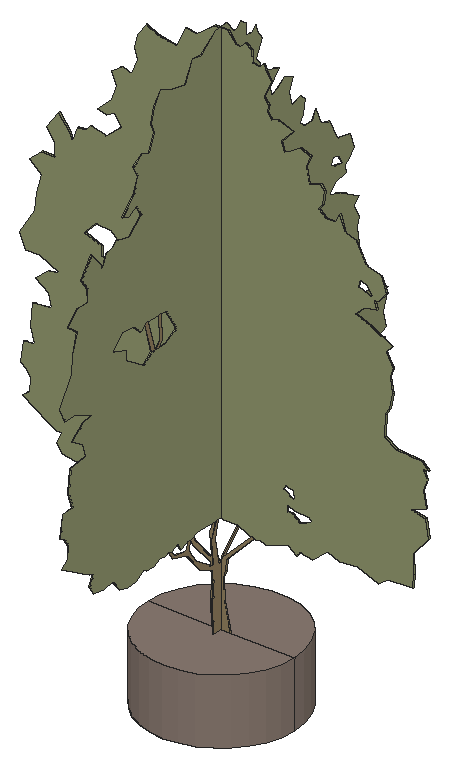
Revit family "L-PL낙엽교목_떡갈나무", category 수목, Revit 2019
Family settings
  OmniClass 번호 = 23.40.05.00
  OmniClass 제목 = Plants and Planting Products
  작업 기준면 기반 = 아니오
  항상 수직 = 예
  로드될 때 보이드를 사용하여 절단 = 아니오
  렌더 모양 소스 = 패밀리 형상
  공유 = 아니오
Parameters (values of type "떡갈나무")
  한국산업규격KS = ""
  콘 높이 = 뿌리분 직경 / 4  # 272.5 mm
  조달청표준공사코드-세부공종 = "10161599202809"
  뿌리분 직경 = (24 mm + ((R / 10) - 3 mm) * 5) * 10  # 1090 mm
  뿌리분 높이 = 뿌리분 직경 / 2  # 545 mm
  높이 = 5000 mm
  건설정보분류체계-부위분류 = "E985"
  R = 200 mm
  LIM_INFO_주의사항 = "재배포, 재가공, 판매 금지"
  LIM_INFO_제작일 = "20211210"
  LIM_INFO_버전 = "2022_V01"
  LIM_INFO_PL_학명 = "Quercus myrsinaefolia Bl."
  LIM_INFO_PL_품명 = "가시나무"
  LIM_INFO_PL_주당인정수량 = 0
  LIM_INFO_PL_수목단위 = "주"
  LIM_INFO_PL_규격 = "5.0H X 18R"
  LIM_INFO_PL_구분 = "상록교목"
  LIM_INFO_PL_가격 = 0
  LIM_INFO_PL_Qty [instance] = 0
  LIM_INFO_PL_M2당수량 = 0
  KBIMS_식별-버전 = ""
  KBIMS_식별-bSK등록번호 = ""
  KBIMS_보급정보-저작자 = "림인포테크_MMJ"
  KBIMS_보급정보-보급코드 = ""
  H = 높이  # 5000 mm
Reference planes
  plane 1 "중심(앞/뒤)": y = 0
  plane 2: z = 0
  plane 3 "중심(왼쪽/오른쪽)": x = 0
  plane 4: x = 482.5
  plane 5: x = -607.5
  plane 6: z = -545
  plane 7: z = -817.5
  plane 8: z = 5000
  plane 9: x = -100
  plane 10: x = 100
Forms (mm)
  Revolve 1, solid, material "흙"
    sketch origin (0, 0, 0) x (1, 0, 0) y (0, 0, 1)
      loop
        line (0, 0) -> (-607.5, 0) -> (-607.5, -545) -> (0, -545) -> (0, 0)
      axis (0, 0) -> (0, -545)
    angle from 0 to 360
  Revolve 2, solid, material "흙"
    sketch origin (0, 0, 0) x (1, 0, 0) y (0, 0, 1)
      loop
        line (0, -545) -> (-607.5, -545) -> (0, -817.5) -> (0, -545)
      axis (0, -545) -> (0, -817.5)
    angle from 0 to 360
Dimensions and locks
  "뿌리분 직경": plane 4 to plane 5
  "뿌리분 높이": plane 6 to level
  "콘 높이": plane 7 to plane 6
  "H": level to plane 8
  "R": plane 9 to plane 10
  aligned and locked: level to plane 2
Automatic sketch dimensions
  Revolve 1 sketch curve to level = 0 mm  (x2)
  Revolve 1 sketch curve to plane 5 = 0 mm
  Revolve 1 sketch curve to plane 3 "중심(왼쪽/오른쪽)" = 0 mm  (x2)
  Revolve 1 sketch curve to plane 6 = 0 mm  (x2)
  Revolve 2 sketch curve to plane 5 = 0 mm
  Revolve 2 sketch curve to plane 3 "중심(왼쪽/오른쪽)" = 0 mm  (x2)
  Revolve 2 sketch curve to plane 7 = 0 mm  (x2)
  Revolve 2 sketch curve to plane 6 = 0 mm  (x2)
Nested families
  nested 1: "떡갈나무_base" at (0, 0, 0), type "떡갈나무_base"
Definition of nested family "떡갈나무_base"
  Parameters (values of type "떡갈나무_base")
    Height = 6000 mm
  Reference planes
    plane 1 "중심(앞/뒤)": y = 0
    plane 2: z = 0
    plane 3 "중심(왼쪽/오른쪽)": x = 0
  Forms (mm)
    Revolve 1, solid, detail levels coarse
      sketch origin (0, 0, 0) x (1, 0, 0) y (0, 0, 1)
        loop
          line (-1068.485, 3509.365) -> (-1675.853, 878.566) -> (-75, 878.566) -> (-75, 0) -> (0, 0) -> (0, 4500) -> (-1068.485, 3509.365)
        axis (0, 4500) -> (0, 0)
      angle from 0 to 360
    Extrusion 2, solid, detail levels fine
      sketch origin (0, 0, 0) x (1, 0, 0) y (0, 0, 1)
        loop
          line (-365.437, 4215.162) -> (-525.538, 4247.171) -> (-619.913, 4287.603) -> (-687.324, 4189.892) -> (-717.659, 4082.074) -> (-687.324, 4002.895) -> (-741.253, 3874.86) -> (-816.468, 3902.182) -> (-909.037, 3839.93) -> (-861.911, 3749.077) -> (-910.72, 3624.575) -> (-1021.803, 3516.897) -> (-952.797, 3495.025) -> (-882.108, 3538.769) -> (-826.566, 3447.916) -> (-949.431, 3341.92) -> (-1085.76, 3370.522) -> (-1119.126, 3331.069) -> (-1188.844, 3320.347) -> (-1234.429, 3205.086) -> (-1253.2, 3264.057) -> (-1347.052, 3376.638) -> (-1448.948, 3234.571) -> (-1384.592, 3143.434) -> (-1379.229, 3038.894) -> (-1486.489, 3038.894) -> (-1585.704, 2945.076) -> (-1486.489, 2864.661) -> (-1534.755, 2714.553) -> (-1545.481, 2575.166) -> (-1671.511, 2371.448) -> (-1619.856, 2261.109) -> (-1504.177, 2262.785) -> (-1336.527, 2185.693) -> (-1428.734, 2168.934) -> (-1541.06, 2076.76) -> (-1432.087, 2006.373) -> (-1401.91, 1904.143) -> (-1564.531, 1882.357) -> (-1583.791, 1706.024) -> (-1543.66, 1582.331) -> (-1640.644, 1572.302) -> (-1667.398, 1408.492) -> (-1623.922, 1381.748) -> (-1582.119, 1318.23) -> (-1588.807, 1214.595) -> (-1649.004, 1167.793) -> (-1440.009, 1044.773) -> (-1365.879, 1004.068) -> (-1322.028, 997.806) -> (-1365.879, 913.267) -> (-1316.807, 847.513) -> (-1215.532, 831.858) -> (-1126.785, 849.601) -> (-1054.743, 761.93) -> (-963.584, 733.251) -> (-886.557, 744.997) -> (-801.696, 795.894) -> (-769.058, 776.971) -> (-699.211, 776.318) -> (-631.975, 808.293) -> (-582.364, 797.2) -> (-543.85, 816.776) -> (-506.642, 800.462) -> (-447.598, 834.8) -> (-419.193, 780.704) -> (-364.393, 796.737) -> (-342.34, 805.422) -> (-313.603, 806.758) -> (-240.092, 836.82) -> (-69.011, 830.807) -> (-26.24, 836.152) -> (25.886, 830.139) -> (138.826, 829.471) -> (229.045, 784.044) -> (293.2, 773.356) -> (323.174, 781.388) -> (374.414, 760.046) -> (559.753, 820.121) -> (633.076, 768.984) -> (662.064, 806.484) -> (764.375, 789.439) -> (888.853, 890.008) -> (991.164, 850.803) -> (1139.515, 869.553) -> (1311.738, 801.371) -> (1390.177, 859.326) -> (1594.798, 869.553) -> (1606.735, 975.236) -> (1601.619, 1125.237) -> (1731.213, 1280.352) -> (1706.246, 1427.53) -> (1583.644, 1450.976) -> (1709.445, 1502.131) -> (1683.858, 1624.688) -> (1715.841, 1717.406) -> (1688.123, 1780.283) -> (1728.635, 1789.874) -> (1675.329, 1841.029) -> (1463.871, 1854.4) -> (1363.222, 1917.699) -> (1371.199, 2085.175) -> (1406.526, 2137.813) -> (1429.855, 2255.082) -> (1411.192, 2377.681) -> (1434.356, 2447.098) -> (1377.161, 2550.859) -> (1426.942, 2604.857) -> (1249.001, 2700.148) -> (1120.841, 2742.499) -> (1192.865, 2811.321) -> (1298.782, 2834.614) -> (1281.786, 2898.815) -> (1318.207, 2908.083) -> (1382.442, 2984.209) -> (1334.1, 3104.026) -> (1208.28, 3133.152) -> (1129.03, 3287.758) -> (1033.953, 3317.327) -> (989.583, 3437.714) -> (954.722, 3370.128) -> (875.491, 3369.072) -> (814.219, 3418.705) -> (848.024, 3460.947) -> (867.039, 3572.886) -> (832.178, 3605.622) -> (735.988, 3574.304) -> (709.578, 3691.523) -> (750.778, 3786.565) -> (666.265, 3821.414) -> (589.147, 3768.613) -> (529.988, 3742.212) -> (504.634, 3811.91) -> (604.993, 3916.457) -> (474.9, 3960.102) -> (425.248, 3943.206) -> (388.274, 3992.839) -> (398.838, 4043.529) -> (363.976, 4093.162) -> (422.079, 4224.11) -> (373.484, 4298.032) -> (363.976, 4339.217) -> (321.72, 4301.2) -> (260.448, 4314.928) -> (258.335, 4406.802) -> (209.74, 4442.707) -> (167.484, 4397.298) -> (128.349, 4398.791) -> (60.938, 4488.078) -> (-50.29, 4481.339) -> (-200.28, 4363.413) -> (-291.284, 4375.205) -> (-365.437, 4215.162)
        loop
          line (-805.814, 2318.406) -> (-723.625, 2380.895) -> (-568.038, 2380.895) -> (-463.358, 2446.21) -> (-577.51, 2629.161) -> (-783.402, 2629.161) -> (-828.645, 2578.578) -> (-915.4, 2656.173) -> (-1034.118, 2660.738) -> (-1130.006, 2560.32) -> (-988.458, 2510.112) -> (-988.458, 2432.517) -> (-805.814, 2318.406)
        loop
          line (1223.198, 2990.863) -> (1160.311, 3009.566) -> (1143.374, 2952.619) -> (1268.596, 2909.799) -> (1223.198, 2990.863)
        loop
          line (761.421, 1063.997) -> (733.202, 1097.741) -> (611.644, 1097.741) -> (553.507, 1120.635) -> (553.507, 1073.086) -> (595.788, 1073.086) -> (660.114, 1021.8) -> (761.421, 1063.997)
        loop
          line (610.574, 1173.335) -> (607.248, 1252.046) -> (562.515, 1252.046) -> (543.674, 1264.053) -> (521.881, 1229.856) -> (610.574, 1173.335)
      from 0 to 5
    Extrusion 3, solid, detail levels fine
      sketch origin (0, 0, 0) x (1, 0, 0) y (0, 0, 1)
        loop
          line (-691.102, 2383.015) -> (-765.306, 2625.463) -> (-782.239, 2625.234) -> (-789.593, 2618.316) -> (-718.659, 2382.326) -> (-691.102, 2383.015)
        loop
          line (-615.571, 2429.664) -> (-629.679, 2628.538) -> (-643.237, 2628.538) -> (-633.515, 2431.462) -> (-671.829, 2383.061) -> (-644.993, 2383.061) -> (-615.571, 2429.664)
        loop
          line (25.8, 548.797) -> (-9.376, 488.812) -> (-28.554, 518.715) -> (-47.934, 605.247) -> (-62.146, 698.237) -> (-29.2, 829.972) -> (-46.642, 827.389) -> (-91.861, 698.883) -> (-73.774, 520.007) -> (-82.171, 509.674) -> (-201.681, 583.937) -> (-259.82, 629.14) -> (-324.529, 714.466) -> (-329.697, 737.714) -> (-320.007, 802.935) -> (-340.033, 800.998) -> (-352.306, 745.463) -> (-375.562, 740.942) -> (-482.798, 763.544) -> (-511.222, 798.415) -> (-540.937, 812.622) -> (-496.575, 747.253) -> (-356.469, 704.412) -> (-223.677, 547.002) -> (-85.149, 474.865) -> (-76.764, 334.789) -> (-85.141, 202.753) -> (-75, 0) -> (75, 0) -> (63.055, 78.927) -> (27.879, 224.751) -> (21.662, 392.631) -> (41.319, 453.649) -> (51.665, 540.523) -> (278.239, 773.22) -> (253.409, 776.323) -> (25.8, 548.797)
      from 0 to 5
    Extrusion 4, solid, detail levels fine
      sketch origin (-5, -5, 0) x (0, 1, 0) y (0, 0, 1)
        loop
          line (-365.437, 4215.162) -> (-525.538, 4247.171) -> (-619.913, 4287.603) -> (-687.324, 4189.892) -> (-717.659, 4082.074) -> (-687.324, 4002.895) -> (-741.253, 3874.86) -> (-816.468, 3902.182) -> (-909.037, 3839.93) -> (-861.911, 3749.077) -> (-910.72, 3624.575) -> (-1021.803, 3516.897) -> (-952.797, 3495.025) -> (-882.108, 3538.769) -> (-826.566, 3447.916) -> (-949.431, 3341.92) -> (-1085.76, 3370.522) -> (-1119.126, 3331.069) -> (-1188.844, 3320.347) -> (-1234.429, 3205.086) -> (-1253.2, 3264.057) -> (-1347.052, 3376.638) -> (-1448.948, 3234.571) -> (-1384.592, 3143.434) -> (-1379.229, 3038.894) -> (-1486.489, 3038.894) -> (-1585.704, 2945.076) -> (-1486.489, 2864.661) -> (-1534.755, 2714.553) -> (-1545.481, 2575.166) -> (-1671.511, 2371.448) -> (-1619.856, 2261.109) -> (-1504.177, 2262.785) -> (-1336.527, 2185.693) -> (-1428.734, 2168.934) -> (-1541.06, 2076.76) -> (-1432.087, 2006.373) -> (-1401.91, 1904.143) -> (-1564.531, 1882.357) -> (-1583.791, 1706.024) -> (-1543.66, 1582.331) -> (-1640.644, 1572.302) -> (-1667.398, 1408.492) -> (-1623.922, 1381.748) -> (-1582.119, 1318.23) -> (-1588.807, 1214.595) -> (-1649.004, 1167.793) -> (-1440.009, 1044.773) -> (-1365.879, 1004.068) -> (-1322.028, 997.806) -> (-1365.879, 913.267) -> (-1316.807, 847.513) -> (-1215.532, 831.858) -> (-1126.785, 849.601) -> (-1054.743, 761.93) -> (-963.584, 733.251) -> (-886.557, 744.997) -> (-801.696, 795.894) -> (-769.058, 776.971) -> (-699.211, 776.318) -> (-631.975, 808.293) -> (-582.364, 797.2) -> (-543.85, 816.776) -> (-506.642, 800.462) -> (-447.598, 834.8) -> (-419.193, 780.704) -> (-364.393, 796.737) -> (-342.34, 805.422) -> (-313.603, 806.758) -> (-240.092, 836.82) -> (-69.011, 830.807) -> (-26.24, 836.152) -> (25.886, 830.139) -> (138.826, 829.471) -> (229.045, 784.044) -> (293.2, 773.356) -> (323.174, 781.388) -> (374.414, 760.046) -> (559.753, 820.121) -> (633.076, 768.984) -> (662.064, 806.484) -> (764.375, 789.439) -> (888.853, 890.008) -> (991.164, 850.803) -> (1139.515, 869.553) -> (1311.738, 801.371) -> (1390.177, 859.326) -> (1594.798, 869.553) -> (1606.735, 975.236) -> (1601.619, 1125.237) -> (1731.213, 1280.352) -> (1706.246, 1427.53) -> (1583.644, 1450.976) -> (1709.445, 1502.131) -> (1683.858, 1624.688) -> (1715.841, 1717.406) -> (1688.123, 1780.283) -> (1728.635, 1789.874) -> (1675.329, 1841.029) -> (1463.871, 1854.4) -> (1363.222, 1917.699) -> (1371.199, 2085.175) -> (1406.526, 2137.813) -> (1429.855, 2255.082) -> (1411.192, 2377.681) -> (1434.356, 2447.098) -> (1377.161, 2550.859) -> (1426.942, 2604.857) -> (1249.001, 2700.148) -> (1120.841, 2742.499) -> (1192.865, 2811.321) -> (1298.782, 2834.614) -> (1281.786, 2898.815) -> (1318.207, 2908.083) -> (1382.442, 2984.209) -> (1334.1, 3104.026) -> (1208.28, 3133.152) -> (1129.03, 3287.758) -> (1033.953, 3317.327) -> (989.583, 3437.714) -> (954.722, 3370.128) -> (875.491, 3369.072) -> (814.219, 3418.705) -> (848.024, 3460.947) -> (867.039, 3572.886) -> (832.178, 3605.622) -> (735.988, 3574.304) -> (709.578, 3691.523) -> (750.778, 3786.565) -> (666.265, 3821.414) -> (589.147, 3768.613) -> (529.988, 3742.212) -> (504.634, 3811.91) -> (604.993, 3916.457) -> (474.9, 3960.102) -> (425.248, 3943.206) -> (388.274, 3992.839) -> (398.838, 4043.529) -> (363.976, 4093.162) -> (422.079, 4224.11) -> (373.484, 4298.032) -> (363.976, 4339.217) -> (321.72, 4301.2) -> (260.448, 4314.928) -> (258.335, 4406.802) -> (209.74, 4442.707) -> (167.484, 4397.298) -> (128.349, 4398.791) -> (60.938, 4488.078) -> (-50.29, 4481.339) -> (-200.28, 4363.413) -> (-291.284, 4375.205) -> (-365.437, 4215.162)
        loop
          line (-805.814, 2318.406) -> (-723.625, 2380.895) -> (-568.038, 2380.895) -> (-463.358, 2446.21) -> (-577.51, 2629.161) -> (-783.402, 2629.161) -> (-828.645, 2578.578) -> (-915.4, 2656.173) -> (-1034.118, 2660.738) -> (-1130.006, 2560.32) -> (-988.458, 2510.112) -> (-988.458, 2432.517) -> (-805.814, 2318.406)
        loop
          line (1223.198, 2990.863) -> (1160.311, 3009.566) -> (1143.374, 2952.619) -> (1268.596, 2909.799) -> (1223.198, 2990.863)
        loop
          line (761.421, 1063.997) -> (733.202, 1097.741) -> (611.644, 1097.741) -> (553.507, 1120.635) -> (553.507, 1073.086) -> (595.788, 1073.086) -> (660.114, 1021.8) -> (761.421, 1063.997)
        loop
          line (610.574, 1173.335) -> (607.248, 1252.046) -> (562.515, 1252.046) -> (543.674, 1264.053) -> (521.881, 1229.856) -> (610.574, 1173.335)
      from 0 to 5
    Extrusion 5, solid, detail levels fine
      sketch origin (-5, -5, 0) x (0, 1, 0) y (0, 0, 1)
        loop
          line (-691.102, 2383.015) -> (-765.306, 2625.463) -> (-782.239, 2625.234) -> (-789.593, 2618.316) -> (-718.659, 2382.326) -> (-691.102, 2383.015)
        loop
          line (-615.571, 2429.664) -> (-629.679, 2628.538) -> (-643.237, 2628.538) -> (-633.515, 2431.462) -> (-671.829, 2383.061) -> (-644.993, 2383.061) -> (-615.571, 2429.664)
        loop
          line (25.8, 548.797) -> (-9.376, 488.812) -> (-28.554, 518.715) -> (-47.934, 605.247) -> (-62.146, 698.237) -> (-29.2, 829.972) -> (-46.642, 827.389) -> (-91.861, 698.883) -> (-73.774, 520.007) -> (-82.171, 509.674) -> (-201.681, 583.937) -> (-259.82, 629.14) -> (-324.529, 714.466) -> (-329.697, 737.714) -> (-320.007, 802.935) -> (-340.033, 800.998) -> (-352.306, 745.463) -> (-375.562, 740.942) -> (-482.798, 763.544) -> (-511.222, 798.415) -> (-540.937, 812.622) -> (-496.575, 747.253) -> (-356.469, 704.412) -> (-223.677, 547.002) -> (-85.149, 474.865) -> (-76.764, 334.789) -> (-85.141, 202.753) -> (-75, 0) -> (75, 0) -> (63.055, 78.927) -> (27.879, 224.751) -> (21.662, 392.631) -> (41.319, 453.649) -> (51.665, 540.523) -> (278.239, 773.22) -> (253.409, 776.323) -> (25.8, 548.797)
      from 0 to 5
  Lines and regions (mm)
    symbolic lines
      curve 1: arc (900.059, 958.486, 0) -> (1006.223, 824.168, 0) -> (1099.526, 680.617, 0) r 1851.528
      curve 2: arc (1099.526, 680.617, 0) -> (605.801, 500.064, 0) -> (242.578, 120.021, 0) r 1159.319
      curve 3: arc (242.578, 120.021, 0) -> (747.426, -64.469, 0) -> (1277.742, 23.122, 0) r 1057.226
      curve 4: arc (1277.742, 23.122, 0) -> (1264.523, -144.089, 0) -> (1232.31, -308.699, 0) r 1467.489
      curve 5: arc (1232.31, -308.699, 0) -> (826.882, -139.987, 0) -> (390.152, -185.835, 0) r 889.336
      curve 6: arc (390.152, -185.835, 0) -> (526.198, -620.382, 0) -> (864.543, -925.116, 0) r 862.596
      curve 7: arc (864.543, -925.116, 0) -> (756.779, -1011.503, 0) -> (639.67, -1084.724, 0) r 1181.558
      curve 8: arc (639.67, -1084.724, 0) -> (429.764, -767.758, 0) -> (96.399, -585.014, 0) r 792.511
      curve 9: arc (96.399, -585.014, 0) -> (8.969, -916.385, 0) -> (2.436, -1259.033, 0) r 1437.953
      curve 10: arc (2.436, -1259.033, 0) -> (-113.942, -1252.305, 0) -> (-228.786, -1232.307, 0) r 1017.304
      curve 11: arc (-228.786, -1232.307, 0) -> (-254.128, -953.459, 0) -> (-302.692, -677.705, 0) r 3346.633
      curve 12: arc (-302.692, -677.705, 0) -> (-516.572, -856.527, 0) -> (-679.168, -1082.988, 0) r 1110.364
      curve 13: line (-679.168, -1082.988, 0) -> (-751.568, -1043.184, 0)
      curve 14: arc (-751.568, -1043.184, 0) -> (-645.728, -851.529, 0) -> (-693.648, -637.901, 0) r 308.607
      curve 15: arc (-693.648, -637.901, 0) -> (-919.868, -598.432, 0) -> (-1133.684, -682.191, 0) r 425.781
      curve 16: arc (-1133.684, -682.191, 0) -> (-1173.591, -611.024, 0) -> (-1188.221, -530.755, 0) r 247.806
      curve 17: arc (-1188.221, -530.755, 0) -> (-785.846, -389.264, 0) -> (-461.056, -112.792, 0) r 1168.512
      curve 18: arc (-461.056, -112.792, 0) -> (-671.53, 25.873, 0) -> (-909.04, 110.232, 0) r 1047.21
      curve 19: arc (-909.04, 110.232, 0) -> (-1116.315, 97.888, 0) -> (-1315.82, 40.326, 0) r 939.722
      curve 20: arc (-1315.82, 40.326, 0) -> (-1304.299, 229.092, 0) -> (-1259.017, 412.707, 0) r 1047.251
      curve 21: arc (-1259.017, 412.707, 0) -> (-950.135, 338.003, 0) -> (-645.28, 427.736, 0) r 613.96
      curve 22: arc (-645.28, 427.736, 0) -> (-718.159, 715.377, 0) -> (-911.073, 940.839, 0) r 651.328
      curve 23: arc (-911.073, 940.839, 0) -> (-776.968, 1049.485, 0) -> (-633.686, 1145.705, 0) r 1928.54
      curve 24: arc (-633.686, 1145.705, 0) -> (-422.859, 696.886, 0) -> (-57.656, 361.455, 0) r 1283.711
      curve 25: arc (-57.656, 361.455, 0) -> (37.386, 847.059, 0) -> (-33.039, 1336.84, 0) r 1479.249
      curve 26: arc (-33.039, 1336.84, 0) -> (179.239, 1328.178, 0) -> (385.651, 1277.864, 0) r 1073.103
      curve 27: arc (385.651, 1277.864, 0) -> (345.027, 1049.086, 0) -> (400.609, 823.475, 0) r 560.888
      curve 28: arc (400.609, 823.475, 0) -> (671.125, 814.067, 0) -> (900.059, 958.486, 0) r 459.794
      curve 29: circle (0, -14.376, 0) r 94.543 normal (0, 0, 1)
      curve 30: arc (529.605, 971.839, 0) -> (533.318, 1176.794, 0) -> (640.948, 1351.252, 0) r 387.994
      curve 31: arc (640.948, 1351.252, 0) -> (194.503, 1500.596, 0) -> (-275.488, 1473.643, 0) r 1245.997
      curve 32: arc (-275.488, 1473.643, 0) -> (-148.784, 1073.393, 0) -> (-155.58, 653.623, 0) r 1306.355
      curve 33: arc (-155.58, 653.623, 0) -> (-400.659, 999.724, 0) -> (-498.173, 1412.447, 0) r 1110.817
      curve 34: arc (-498.173, 1412.447, 0) -> (-881.615, 1187.131, 0) -> (-1209.053, 886.166, 0) r 2101.434
      curve 35: arc (-1209.053, 886.166, 0) -> (-968.475, 764.071, 0) -> (-832.201, 531.232, 0) r 478.434
      curve 36: arc (-832.201, 531.232, 0) -> (-1101.838, 532.423, 0) -> (-1320.396, 690.34, 0) r 441.066
      curve 37: arc (-1320.396, 690.34, 0) -> (-1477.695, 238.108, 0) -> (-1448.868, -239.832, 0) r 1220.145
      curve 38: arc (-1448.868, -239.832, 0) -> (-1076.116, -70.713, 0) -> (-669.469, -117.441, 0) r 766.828
      curve 39: arc (-669.469, -117.441, 0) -> (-1007.03, -337.047, 0) -> (-1397.479, -435.657, 0) r 1228.132
      curve 40: arc (-1397.479, -435.657, 0) -> (-1286.017, -697.677, 0) -> (-1114.84, -925.221, 0) r 1175.845
      curve 41: arc (-1114.84, -925.221, 0) -> (-1004.004, -711.871, 0) -> (-763.682, -704.918, 0) r 237.235
      curve 42: arc (-763.682, -704.918, 0) -> (-792.728, -929.742, 0) -> (-986.368, -1047.613, 0) r 261.804
      curve 43: arc (-986.368, -1047.613, 0) -> (-827.101, -1176.471, 0) -> (-643.775, -1267.916, 0) r 943.556
      curve 44: arc (-643.775, -1267.916, 0) -> (-544.697, -1029.445, 0) -> (-369.701, -839.548, 0) r 739.886
      curve 45: arc (-369.701, -839.548, 0) -> (-368.34, -1097.301, 0) -> (-481.043, -1329.112, 0) r 567.962
      curve 46: arc (-481.043, -1329.112, 0) -> (-144.8, -1422.731, 0) -> (204.142, -1414.786, 0) r 1190.198
      curve 47: arc (204.142, -1414.786, 0) -> (168.091, -1114.928, 0) -> (204.142, -815.07, 0) r 1265.059
      curve 48: arc (204.142, -815.07, 0) -> (424.606, -1032.324, 0) -> (512.476, -1329.112, 0) r 619.616
      curve 49: arc (512.476, -1329.112, 0) -> (880.225, -1135.524, 0) -> (1171.967, -839.548, 0) r 1354.452
      curve 50: arc (1171.967, -839.548, 0) -> (793.494, -669.595, 0) -> (580.994, -313.266, 0) r 689.702
      curve 51: arc (580.994, -313.266, 0) -> (988.3, -364.796, 0) -> (1300.439, -631.483, 0) r 716.442
      curve 52: arc (1300.439, -631.483, 0) -> (1436.327, -163.801, 0) -> (1428.911, 323.167, 0) r 1640.383
      curve 53: arc (1428.911, 323.167, 0) -> (983.393, 114.568, 0) -> (495.346, 176.298, 0) r 884.331
      curve 54: arc (495.346, 176.298, 0) -> (894.437, 453.639, 0) -> (1377.522, 506.754, 0) r 986.425
      curve 55: arc (1377.522, 506.754, 0) -> (1151.95, 917.609, 0) -> (837.939, 1265.578, 0) r 2024.422
      curve 56: arc (837.939, 1265.578, 0) -> (749.034, 1050.204, 0) -> (529.605, 971.839, 0) r 286.9
  Dimensions and locks
    aligned and locked: level to plane 2
